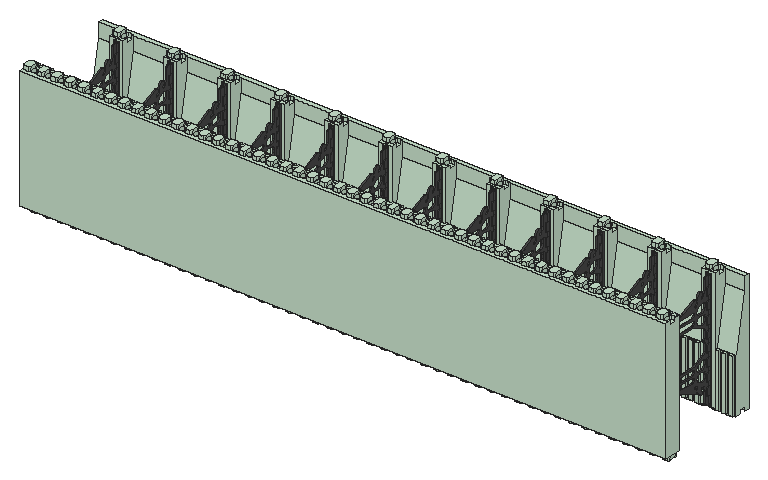
Revit family (continued)
Forms (in)
  Extrusion 51, void
    sketch origin (86, 0, 0) x (-1, 0, 0) y (0, -1, 0)
      loop
        arc (1, -4.89808) -> (1.04785, -5.04517) -> (1.17308, -5.13595) r 0.25
        arc (1.17308, -5.13595) -> (1.5, -5.1875) -> (1.82692, -5.13595) r 1.0625
        arc (1.82692, -5.13595) -> (1.95215, -5.04517) -> (2, -4.89808) r 0.25
        line (2, -4.89808) -> (2, -3.97692)
        arc (2, -3.97692) -> (1.98276, -3.88568) -> (1.9334, -3.80702) r 0.25
        arc (1.9334, -3.80702) -> (1.92106, -3.78736) -> (1.91675, -3.76455) r 0.0625
        line (1.91675, -3.76455) -> (1.91675, -3.41845) -> (1.74592, -3.41845) -> (1.74592, -3.64005)
        arc (1.74592, -3.64005) -> (1.72385, -3.68771) -> (1.67323, -3.70172) r 0.0625
        arc (1.67323, -3.70172) -> (1.42092, -3.69045) -> (1.17308, -3.73905) r 1.0625
        arc (1.17308, -3.73905) -> (1.04785, -3.82983) -> (1, -3.97692) r 0.25
        line (1, -3.97692) -> (1, -4.89808)
    from 18 to 17.5
  Extrusion 52, void
    sketch origin (78, 0, 0) x (-1, 0, 0) y (0, -1, 0)
      loop
        arc (1, -4.89808) -> (1.04785, -5.04517) -> (1.17308, -5.13595) r 0.25
        arc (1.17308, -5.13595) -> (1.5, -5.1875) -> (1.82692, -5.13595) r 1.0625
        arc (1.82692, -5.13595) -> (1.95215, -5.04517) -> (2, -4.89808) r 0.25
        line (2, -4.89808) -> (2, -3.97692)
        arc (2, -3.97692) -> (1.98276, -3.88568) -> (1.9334, -3.80702) r 0.25
        arc (1.9334, -3.80702) -> (1.92106, -3.78736) -> (1.91675, -3.76455) r 0.0625
        line (1.91675, -3.76455) -> (1.91675, -3.41845) -> (1.74592, -3.41845) -> (1.74592, -3.64005)
        arc (1.74592, -3.64005) -> (1.72385, -3.68771) -> (1.67323, -3.70172) r 0.0625
        arc (1.67323, -3.70172) -> (1.42092, -3.69045) -> (1.17308, -3.73905) r 1.0625
        arc (1.17308, -3.73905) -> (1.04785, -3.82983) -> (1, -3.97692) r 0.25
        line (1, -3.97692) -> (1, -4.89808)
    from 18 to 17.5
  Extrusion 53, void
    sketch origin (70, 0, 0) x (-1, 0, 0) y (0, -1, 0)
      loop
        arc (1, -4.89808) -> (1.04785, -5.04517) -> (1.17308, -5.13595) r 0.25
        arc (1.17308, -5.13595) -> (1.5, -5.1875) -> (1.82692, -5.13595) r 1.0625
        arc (1.82692, -5.13595) -> (1.95215, -5.04517) -> (2, -4.89808) r 0.25
        line (2, -4.89808) -> (2, -3.97692)
        arc (2, -3.97692) -> (1.98276, -3.88568) -> (1.9334, -3.80702) r 0.25
        arc (1.9334, -3.80702) -> (1.92106, -3.78736) -> (1.91675, -3.76455) r 0.0625
        line (1.91675, -3.76455) -> (1.91675, -3.41845) -> (1.74592, -3.41845) -> (1.74592, -3.64005)
        arc (1.74592, -3.64005) -> (1.72385, -3.68771) -> (1.67323, -3.70172) r 0.0625
        arc (1.67323, -3.70172) -> (1.42092, -3.69045) -> (1.17308, -3.73905) r 1.0625
        arc (1.17308, -3.73905) -> (1.04785, -3.82983) -> (1, -3.97692) r 0.25
        line (1, -3.97692) -> (1, -4.89808)
    from 18 to 17.5
  Extrusion 54, void
    sketch origin (62, 0, 0) x (-1, 0, 0) y (0, -1, 0)
      loop
        arc (1, -4.89808) -> (1.04785, -5.04517) -> (1.17308, -5.13595) r 0.25
        arc (1.17308, -5.13595) -> (1.5, -5.1875) -> (1.82692, -5.13595) r 1.0625
        arc (1.82692, -5.13595) -> (1.95215, -5.04517) -> (2, -4.89808) r 0.25
        line (2, -4.89808) -> (2, -3.97692)
        arc (2, -3.97692) -> (1.98276, -3.88568) -> (1.9334, -3.80702) r 0.25
        arc (1.9334, -3.80702) -> (1.92106, -3.78736) -> (1.91675, -3.76455) r 0.0625
        line (1.91675, -3.76455) -> (1.91675, -3.41845) -> (1.74592, -3.41845) -> (1.74592, -3.64005)
        arc (1.74592, -3.64005) -> (1.72385, -3.68771) -> (1.67323, -3.70172) r 0.0625
        arc (1.67323, -3.70172) -> (1.42092, -3.69045) -> (1.17308, -3.73905) r 1.0625
        arc (1.17308, -3.73905) -> (1.04785, -3.82983) -> (1, -3.97692) r 0.25
        line (1, -3.97692) -> (1, -4.89808)
    from 18 to 17.5
  Extrusion 55, void
    sketch origin (54, 0, 0) x (-1, 0, 0) y (0, -1, 0)
      loop
        arc (1, -4.89808) -> (1.04785, -5.04517) -> (1.17308, -5.13595) r 0.25
        arc (1.17308, -5.13595) -> (1.5, -5.1875) -> (1.82692, -5.13595) r 1.0625
        arc (1.82692, -5.13595) -> (1.95215, -5.04517) -> (2, -4.89808) r 0.25
        line (2, -4.89808) -> (2, -3.97692)
        arc (2, -3.97692) -> (1.98276, -3.88568) -> (1.9334, -3.80702) r 0.25
        arc (1.9334, -3.80702) -> (1.92106, -3.78736) -> (1.91675, -3.76455) r 0.0625
        line (1.91675, -3.76455) -> (1.91675, -3.41845) -> (1.74592, -3.41845) -> (1.74592, -3.64005)
        arc (1.74592, -3.64005) -> (1.72385, -3.68771) -> (1.67323, -3.70172) r 0.0625
        arc (1.67323, -3.70172) -> (1.42092, -3.69045) -> (1.17308, -3.73905) r 1.0625
        arc (1.17308, -3.73905) -> (1.04785, -3.82983) -> (1, -3.97692) r 0.25
        line (1, -3.97692) -> (1, -4.89808)
    from 18 to 17.5
  Extrusion 56, void
    sketch origin (46, 0, 0) x (-1, 0, 0) y (0, -1, 0)
      loop
        arc (1, -4.89808) -> (1.04785, -5.04517) -> (1.17308, -5.13595) r 0.25
        arc (1.17308, -5.13595) -> (1.5, -5.1875) -> (1.82692, -5.13595) r 1.0625
        arc (1.82692, -5.13595) -> (1.95215, -5.04517) -> (2, -4.89808) r 0.25
        line (2, -4.89808) -> (2, -3.97692)
        arc (2, -3.97692) -> (1.98276, -3.88568) -> (1.9334, -3.80702) r 0.25
        arc (1.9334, -3.80702) -> (1.92106, -3.78736) -> (1.91675, -3.76455) r 0.0625
        line (1.91675, -3.76455) -> (1.91675, -3.41845) -> (1.74592, -3.41845) -> (1.74592, -3.64005)
        arc (1.74592, -3.64005) -> (1.72385, -3.68771) -> (1.67323, -3.70172) r 0.0625
        arc (1.67323, -3.70172) -> (1.42092, -3.69045) -> (1.17308, -3.73905) r 1.0625
        arc (1.17308, -3.73905) -> (1.04785, -3.82983) -> (1, -3.97692) r 0.25
        line (1, -3.97692) -> (1, -4.89808)
    from 18 to 17.5
  Extrusion 57, void
    sketch origin (38, 0, 0) x (-1, 0, 0) y (0, -1, 0)
      loop
        arc (1, -4.89808) -> (1.04785, -5.04517) -> (1.17308, -5.13595) r 0.25
        arc (1.17308, -5.13595) -> (1.5, -5.1875) -> (1.82692, -5.13595) r 1.0625
        arc (1.82692, -5.13595) -> (1.95215, -5.04517) -> (2, -4.89808) r 0.25
        line (2, -4.89808) -> (2, -3.97692)
        arc (2, -3.97692) -> (1.98276, -3.88568) -> (1.9334, -3.80702) r 0.25
        arc (1.9334, -3.80702) -> (1.92106, -3.78736) -> (1.91675, -3.76455) r 0.0625
        line (1.91675, -3.76455) -> (1.91675, -3.41845) -> (1.74592, -3.41845) -> (1.74592, -3.64005)
        arc (1.74592, -3.64005) -> (1.72385, -3.68771) -> (1.67323, -3.70172) r 0.0625
        arc (1.67323, -3.70172) -> (1.42092, -3.69045) -> (1.17308, -3.73905) r 1.0625
        arc (1.17308, -3.73905) -> (1.04785, -3.82983) -> (1, -3.97692) r 0.25
        line (1, -3.97692) -> (1, -4.89808)
    from 18 to 17.5
  Extrusion 58, void
    sketch origin (30, 0, 0) x (-1, 0, 0) y (0, -1, 0)
      loop
        arc (1, -4.89808) -> (1.04785, -5.04517) -> (1.17308, -5.13595) r 0.25
        arc (1.17308, -5.13595) -> (1.5, -5.1875) -> (1.82692, -5.13595) r 1.0625
        arc (1.82692, -5.13595) -> (1.95215, -5.04517) -> (2, -4.89808) r 0.25
        line (2, -4.89808) -> (2, -3.97692)
        arc (2, -3.97692) -> (1.98276, -3.88568) -> (1.9334, -3.80702) r 0.25
        arc (1.9334, -3.80702) -> (1.92106, -3.78736) -> (1.91675, -3.76455) r 0.0625
        line (1.91675, -3.76455) -> (1.91675, -3.41845) -> (1.74592, -3.41845) -> (1.74592, -3.64005)
        arc (1.74592, -3.64005) -> (1.72385, -3.68771) -> (1.67323, -3.70172) r 0.0625
        arc (1.67323, -3.70172) -> (1.42092, -3.69045) -> (1.17308, -3.73905) r 1.0625
        arc (1.17308, -3.73905) -> (1.04785, -3.82983) -> (1, -3.97692) r 0.25
        line (1, -3.97692) -> (1, -4.89808)
    from 18 to 17.5
  Extrusion 59, void
    sketch origin (22, 0, 0) x (-1, 0, 0) y (0, -1, 0)
      loop
        arc (1, -4.89808) -> (1.04785, -5.04517) -> (1.17308, -5.13595) r 0.25
        arc (1.17308, -5.13595) -> (1.5, -5.1875) -> (1.82692, -5.13595) r 1.0625
        arc (1.82692, -5.13595) -> (1.95215, -5.04517) -> (2, -4.89808) r 0.25
        line (2, -4.89808) -> (2, -3.97692)
        arc (2, -3.97692) -> (1.98276, -3.88568) -> (1.9334, -3.80702) r 0.25
        arc (1.9334, -3.80702) -> (1.92106, -3.78736) -> (1.91675, -3.76455) r 0.0625
        line (1.91675, -3.76455) -> (1.91675, -3.41845) -> (1.74592, -3.41845) -> (1.74592, -3.64005)
        arc (1.74592, -3.64005) -> (1.72385, -3.68771) -> (1.67323, -3.70172) r 0.0625
        arc (1.67323, -3.70172) -> (1.42092, -3.69045) -> (1.17308, -3.73905) r 1.0625
        arc (1.17308, -3.73905) -> (1.04785, -3.82983) -> (1, -3.97692) r 0.25
        line (1, -3.97692) -> (1, -4.89808)
    from 18 to 17.5
  Extrusion 60, void
    sketch origin (14, 0, 0) x (-1, 0, 0) y (0, -1, 0)
      loop
        arc (1, -4.89808) -> (1.04785, -5.04517) -> (1.17308, -5.13595) r 0.25
        arc (1.17308, -5.13595) -> (1.5, -5.1875) -> (1.82692, -5.13595) r 1.0625
        arc (1.82692, -5.13595) -> (1.95215, -5.04517) -> (2, -4.89808) r 0.25
        line (2, -4.89808) -> (2, -3.97692)
        arc (2, -3.97692) -> (1.98276, -3.88568) -> (1.9334, -3.80702) r 0.25
        arc (1.9334, -3.80702) -> (1.92106, -3.78736) -> (1.91675, -3.76455) r 0.0625
        line (1.91675, -3.76455) -> (1.91675, -3.41845) -> (1.74592, -3.41845) -> (1.74592, -3.64005)
        arc (1.74592, -3.64005) -> (1.72385, -3.68771) -> (1.67323, -3.70172) r 0.0625
        arc (1.67323, -3.70172) -> (1.42092, -3.69045) -> (1.17308, -3.73905) r 1.0625
        arc (1.17308, -3.73905) -> (1.04785, -3.82983) -> (1, -3.97692) r 0.25
        line (1, -3.97692) -> (1, -4.89808)
    from 18 to 17.5
  Extrusion 61, void
    sketch origin (6, 0, 0) x (-1, 0, 0) y (0, -1, 0)
      loop
        arc (1, -4.89808) -> (1.04785, -5.04517) -> (1.17308, -5.13595) r 0.25
        arc (1.17308, -5.13595) -> (1.5, -5.1875) -> (1.82692, -5.13595) r 1.0625
        arc (1.82692, -5.13595) -> (1.95215, -5.04517) -> (2, -4.89808) r 0.25
        line (2, -4.89808) -> (2, -3.97692)
        arc (2, -3.97692) -> (1.98276, -3.88568) -> (1.9334, -3.80702) r 0.25
        arc (1.9334, -3.80702) -> (1.92106, -3.78736) -> (1.91675, -3.76455) r 0.0625
        line (1.91675, -3.76455) -> (1.91675, -3.41845) -> (1.74592, -3.41845) -> (1.74592, -3.64005)
        arc (1.74592, -3.64005) -> (1.72385, -3.68771) -> (1.67323, -3.70172) r 0.0625
        arc (1.67323, -3.70172) -> (1.42092, -3.69045) -> (1.17308, -3.73905) r 1.0625
        arc (1.17308, -3.73905) -> (1.04785, -3.82983) -> (1, -3.97692) r 0.25
        line (1, -3.97692) -> (1, -4.89808)
    from 18 to 17.5
  Extrusion 62, void
    sketch origin (2, -4, 0) x (-1, 0, 0) y (0, -1, 0)
      loop
        line (1, 4.89808) -> (1, 3.97692)
        arc (1, 3.97692) -> (1.04785, 3.82983) -> (1.17308, 3.73905) r 0.25
        arc (1.17308, 3.73905) -> (1.42092, 3.69045) -> (1.67323, 3.70172) r 1.0625
        arc (1.67323, 3.70172) -> (1.72385, 3.68771) -> (1.74592, 3.64005) r 0.0625
        line (1.74592, 3.64005) -> (1.74592, 3.41845) -> (1.91675, 3.41845) -> (1.91675, 3.76455)
        arc (1.91675, 3.76455) -> (1.92106, 3.78736) -> (1.9334, 3.80702) r 0.0625
        arc (1.9334, 3.80702) -> (1.98276, 3.88568) -> (2, 3.97692) r 0.25
        line (2, 3.97692) -> (2, 4.89808)
        arc (2, 4.89808) -> (1.95215, 5.04517) -> (1.82692, 5.13595) r 0.25
        arc (1.82692, 5.13595) -> (1.5, 5.1875) -> (1.17308, 5.13595) r 1.0625
        arc (1.17308, 5.13595) -> (1.04785, 5.04517) -> (1, 4.89808) r 0.25
    from 0 to 0.5
  Extrusion 63, void
    sketch origin (4, -4, 0) x (-1, 0, 0) y (0, -1, 0)
      loop
        line (1, 4.89808) -> (1, 3.97692)
        arc (1, 3.97692) -> (1.04785, 3.82983) -> (1.17308, 3.73905) r 0.25
        arc (1.17308, 3.73905) -> (1.42092, 3.69045) -> (1.67323, 3.70172) r 1.0625
        arc (1.67323, 3.70172) -> (1.72385, 3.68771) -> (1.74592, 3.64005) r 0.0625
        line (1.74592, 3.64005) -> (1.74592, 3.41845) -> (1.91675, 3.41845) -> (1.91675, 3.76455)
        arc (1.91675, 3.76455) -> (1.92106, 3.78736) -> (1.9334, 3.80702) r 0.0625
        arc (1.9334, 3.80702) -> (1.98276, 3.88568) -> (2, 3.97692) r 0.25
        line (2, 3.97692) -> (2, 4.89808)
        arc (2, 4.89808) -> (1.95215, 5.04517) -> (1.82692, 5.13595) r 0.25
        arc (1.82692, 5.13595) -> (1.5, 5.1875) -> (1.17308, 5.13595) r 1.0625
        arc (1.17308, 5.13595) -> (1.04785, 5.04517) -> (1, 4.89808) r 0.25
    from 0 to 0.5
  Extrusion 64, void
    sketch origin (6, -4, 0) x (-1, 0, 0) y (0, -1, 0)
      loop
        line (1, 4.89808) -> (1, 3.97692)
        arc (1, 3.97692) -> (1.04785, 3.82983) -> (1.17308, 3.73905) r 0.25
        arc (1.17308, 3.73905) -> (1.42092, 3.69045) -> (1.67323, 3.70172) r 1.0625
        arc (1.67323, 3.70172) -> (1.72385, 3.68771) -> (1.74592, 3.64005) r 0.0625
        line (1.74592, 3.64005) -> (1.74592, 3.41845) -> (1.91675, 3.41845) -> (1.91675, 3.76455)
        arc (1.91675, 3.76455) -> (1.92106, 3.78736) -> (1.9334, 3.80702) r 0.0625
        arc (1.9334, 3.80702) -> (1.98276, 3.88568) -> (2, 3.97692) r 0.25
        line (2, 3.97692) -> (2, 4.89808)
        arc (2, 4.89808) -> (1.95215, 5.04517) -> (1.82692, 5.13595) r 0.25
        arc (1.82692, 5.13595) -> (1.5, 5.1875) -> (1.17308, 5.13595) r 1.0625
        arc (1.17308, 5.13595) -> (1.04785, 5.04517) -> (1, 4.89808) r 0.25
    from 0 to 0.5
  Extrusion 65, void
    sketch origin (8, -4, 0) x (-1, 0, 0) y (0, -1, 0)
      loop
        line (1, 4.89808) -> (1, 3.97692)
        arc (1, 3.97692) -> (1.04785, 3.82983) -> (1.17308, 3.73905) r 0.25
        arc (1.17308, 3.73905) -> (1.42092, 3.69045) -> (1.67323, 3.70172) r 1.0625
        arc (1.67323, 3.70172) -> (1.72385, 3.68771) -> (1.74592, 3.64005) r 0.0625
        line (1.74592, 3.64005) -> (1.74592, 3.41845) -> (1.91675, 3.41845) -> (1.91675, 3.76455)
        arc (1.91675, 3.76455) -> (1.92106, 3.78736) -> (1.9334, 3.80702) r 0.0625
        arc (1.9334, 3.80702) -> (1.98276, 3.88568) -> (2, 3.97692) r 0.25
        line (2, 3.97692) -> (2, 4.89808)
        arc (2, 4.89808) -> (1.95215, 5.04517) -> (1.82692, 5.13595) r 0.25
        arc (1.82692, 5.13595) -> (1.5, 5.1875) -> (1.17308, 5.13595) r 1.0625
        arc (1.17308, 5.13595) -> (1.04785, 5.04517) -> (1, 4.89808) r 0.25
    from 0 to 0.5
  Extrusion 66, void
    sketch origin (10, -4, 0) x (-1, 0, 0) y (0, -1, 0)
      loop
        line (1, 4.89808) -> (1, 3.97692)
        arc (1, 3.97692) -> (1.04785, 3.82983) -> (1.17308, 3.73905) r 0.25
        arc (1.17308, 3.73905) -> (1.42092, 3.69045) -> (1.67323, 3.70172) r 1.0625
        arc (1.67323, 3.70172) -> (1.72385, 3.68771) -> (1.74592, 3.64005) r 0.0625
        line (1.74592, 3.64005) -> (1.74592, 3.41845) -> (1.91675, 3.41845) -> (1.91675, 3.76455)
        arc (1.91675, 3.76455) -> (1.92106, 3.78736) -> (1.9334, 3.80702) r 0.0625
        arc (1.9334, 3.80702) -> (1.98276, 3.88568) -> (2, 3.97692) r 0.25
        line (2, 3.97692) -> (2, 4.89808)
        arc (2, 4.89808) -> (1.95215, 5.04517) -> (1.82692, 5.13595) r 0.25
        arc (1.82692, 5.13595) -> (1.5, 5.1875) -> (1.17308, 5.13595) r 1.0625
        arc (1.17308, 5.13595) -> (1.04785, 5.04517) -> (1, 4.89808) r 0.25
    from 0 to 0.5
  Extrusion 67, void
    sketch origin (12, -4, 0) x (-1, 0, 0) y (0, -1, 0)
      loop
        line (1, 4.89808) -> (1, 3.97692)
        arc (1, 3.97692) -> (1.04785, 3.82983) -> (1.17308, 3.73905) r 0.25
        arc (1.17308, 3.73905) -> (1.42092, 3.69045) -> (1.67323, 3.70172) r 1.0625
        arc (1.67323, 3.70172) -> (1.72385, 3.68771) -> (1.74592, 3.64005) r 0.0625
        line (1.74592, 3.64005) -> (1.74592, 3.41845) -> (1.91675, 3.41845) -> (1.91675, 3.76455)
        arc (1.91675, 3.76455) -> (1.92106, 3.78736) -> (1.9334, 3.80702) r 0.0625
        arc (1.9334, 3.80702) -> (1.98276, 3.88568) -> (2, 3.97692) r 0.25
        line (2, 3.97692) -> (2, 4.89808)
        arc (2, 4.89808) -> (1.95215, 5.04517) -> (1.82692, 5.13595) r 0.25
        arc (1.82692, 5.13595) -> (1.5, 5.1875) -> (1.17308, 5.13595) r 1.0625
        arc (1.17308, 5.13595) -> (1.04785, 5.04517) -> (1, 4.89808) r 0.25
    from 0 to 0.5
  Extrusion 68, void
    sketch origin (14, -4, 0) x (-1, 0, 0) y (0, -1, 0)
      loop
        line (1, 4.89808) -> (1, 3.97692)
        arc (1, 3.97692) -> (1.04785, 3.82983) -> (1.17308, 3.73905) r 0.25
        arc (1.17308, 3.73905) -> (1.42092, 3.69045) -> (1.67323, 3.70172) r 1.0625
        arc (1.67323, 3.70172) -> (1.72385, 3.68771) -> (1.74592, 3.64005) r 0.0625
        line (1.74592, 3.64005) -> (1.74592, 3.41845) -> (1.91675, 3.41845) -> (1.91675, 3.76455)
        arc (1.91675, 3.76455) -> (1.92106, 3.78736) -> (1.9334, 3.80702) r 0.0625
        arc (1.9334, 3.80702) -> (1.98276, 3.88568) -> (2, 3.97692) r 0.25
        line (2, 3.97692) -> (2, 4.89808)
        arc (2, 4.89808) -> (1.95215, 5.04517) -> (1.82692, 5.13595) r 0.25
        arc (1.82692, 5.13595) -> (1.5, 5.1875) -> (1.17308, 5.13595) r 1.0625
        arc (1.17308, 5.13595) -> (1.04785, 5.04517) -> (1, 4.89808) r 0.25
    from 0 to 0.5
  Extrusion 69, void
    sketch origin (16, -4, 0) x (-1, 0, 0) y (0, -1, 0)
      loop
        line (1, 4.89808) -> (1, 3.97692)
        arc (1, 3.97692) -> (1.04785, 3.82983) -> (1.17308, 3.73905) r 0.25
        arc (1.17308, 3.73905) -> (1.42092, 3.69045) -> (1.67323, 3.70172) r 1.0625
        arc (1.67323, 3.70172) -> (1.72385, 3.68771) -> (1.74592, 3.64005) r 0.0625
        line (1.74592, 3.64005) -> (1.74592, 3.41845) -> (1.91675, 3.41845) -> (1.91675, 3.76455)
        arc (1.91675, 3.76455) -> (1.92106, 3.78736) -> (1.9334, 3.80702) r 0.0625
        arc (1.9334, 3.80702) -> (1.98276, 3.88568) -> (2, 3.97692) r 0.25
        line (2, 3.97692) -> (2, 4.89808)
        arc (2, 4.89808) -> (1.95215, 5.04517) -> (1.82692, 5.13595) r 0.25
        arc (1.82692, 5.13595) -> (1.5, 5.1875) -> (1.17308, 5.13595) r 1.0625
        arc (1.17308, 5.13595) -> (1.04785, 5.04517) -> (1, 4.89808) r 0.25
    from 0 to 0.5
  Extrusion 70, void
    sketch origin (18, -4, 0) x (-1, 0, 0) y (0, -1, 0)
      loop
        line (1, 4.89808) -> (1, 3.97692)
        arc (1, 3.97692) -> (1.04785, 3.82983) -> (1.17308, 3.73905) r 0.25
        arc (1.17308, 3.73905) -> (1.42092, 3.69045) -> (1.67323, 3.70172) r 1.0625
        arc (1.67323, 3.70172) -> (1.72385, 3.68771) -> (1.74592, 3.64005) r 0.0625
        line (1.74592, 3.64005) -> (1.74592, 3.41845) -> (1.91675, 3.41845) -> (1.91675, 3.76455)
        arc (1.91675, 3.76455) -> (1.92106, 3.78736) -> (1.9334, 3.80702) r 0.0625
        arc (1.9334, 3.80702) -> (1.98276, 3.88568) -> (2, 3.97692) r 0.25
        line (2, 3.97692) -> (2, 4.89808)
        arc (2, 4.89808) -> (1.95215, 5.04517) -> (1.82692, 5.13595) r 0.25
        arc (1.82692, 5.13595) -> (1.5, 5.1875) -> (1.17308, 5.13595) r 1.0625
        arc (1.17308, 5.13595) -> (1.04785, 5.04517) -> (1, 4.89808) r 0.25
    from 0 to 0.5
  Extrusion 71, void
    sketch origin (20, -4, 0) x (-1, 0, 0) y (0, -1, 0)
      loop
        line (1, 4.89808) -> (1, 3.97692)
        arc (1, 3.97692) -> (1.04785, 3.82983) -> (1.17308, 3.73905) r 0.25
        arc (1.17308, 3.73905) -> (1.42092, 3.69045) -> (1.67323, 3.70172) r 1.0625
        arc (1.67323, 3.70172) -> (1.72385, 3.68771) -> (1.74592, 3.64005) r 0.0625
        line (1.74592, 3.64005) -> (1.74592, 3.41845) -> (1.91675, 3.41845) -> (1.91675, 3.76455)
        arc (1.91675, 3.76455) -> (1.92106, 3.78736) -> (1.9334, 3.80702) r 0.0625
        arc (1.9334, 3.80702) -> (1.98276, 3.88568) -> (2, 3.97692) r 0.25
        line (2, 3.97692) -> (2, 4.89808)
        arc (2, 4.89808) -> (1.95215, 5.04517) -> (1.82692, 5.13595) r 0.25
        arc (1.82692, 5.13595) -> (1.5, 5.1875) -> (1.17308, 5.13595) r 1.0625
        arc (1.17308, 5.13595) -> (1.04785, 5.04517) -> (1, 4.89808) r 0.25
    from 0 to 0.5
  Extrusion 72, void
    sketch origin (22, -4, 0) x (-1, 0, 0) y (0, -1, 0)
      loop
        line (1, 4.89808) -> (1, 3.97692)
        arc (1, 3.97692) -> (1.04785, 3.82983) -> (1.17308, 3.73905) r 0.25
        arc (1.17308, 3.73905) -> (1.42092, 3.69045) -> (1.67323, 3.70172) r 1.0625
        arc (1.67323, 3.70172) -> (1.72385, 3.68771) -> (1.74592, 3.64005) r 0.0625
        line (1.74592, 3.64005) -> (1.74592, 3.41845) -> (1.91675, 3.41845) -> (1.91675, 3.76455)
        arc (1.91675, 3.76455) -> (1.92106, 3.78736) -> (1.9334, 3.80702) r 0.0625
        arc (1.9334, 3.80702) -> (1.98276, 3.88568) -> (2, 3.97692) r 0.25
        line (2, 3.97692) -> (2, 4.89808)
        arc (2, 4.89808) -> (1.95215, 5.04517) -> (1.82692, 5.13595) r 0.25
        arc (1.82692, 5.13595) -> (1.5, 5.1875) -> (1.17308, 5.13595) r 1.0625
        arc (1.17308, 5.13595) -> (1.04785, 5.04517) -> (1, 4.89808) r 0.25
    from 0 to 0.5
  Extrusion 73, void
    sketch origin (24, -4, 0) x (-1, 0, 0) y (0, -1, 0)
      loop
        line (1, 4.89808) -> (1, 3.97692)
        arc (1, 3.97692) -> (1.04785, 3.82983) -> (1.17308, 3.73905) r 0.25
        arc (1.17308, 3.73905) -> (1.42092, 3.69045) -> (1.67323, 3.70172) r 1.0625
        arc (1.67323, 3.70172) -> (1.72385, 3.68771) -> (1.74592, 3.64005) r 0.0625
        line (1.74592, 3.64005) -> (1.74592, 3.41845) -> (1.91675, 3.41845) -> (1.91675, 3.76455)
        arc (1.91675, 3.76455) -> (1.92106, 3.78736) -> (1.9334, 3.80702) r 0.0625
        arc (1.9334, 3.80702) -> (1.98276, 3.88568) -> (2, 3.97692) r 0.25
        line (2, 3.97692) -> (2, 4.89808)
        arc (2, 4.89808) -> (1.95215, 5.04517) -> (1.82692, 5.13595) r 0.25
        arc (1.82692, 5.13595) -> (1.5, 5.1875) -> (1.17308, 5.13595) r 1.0625
        arc (1.17308, 5.13595) -> (1.04785, 5.04517) -> (1, 4.89808) r 0.25
    from 0 to 0.5
  Extrusion 74, void
    sketch origin (26, -4, 0) x (-1, 0, 0) y (0, -1, 0)
      loop
        line (1, 4.89808) -> (1, 3.97692)
        arc (1, 3.97692) -> (1.04785, 3.82983) -> (1.17308, 3.73905) r 0.25
        arc (1.17308, 3.73905) -> (1.42092, 3.69045) -> (1.67323, 3.70172) r 1.0625
        arc (1.67323, 3.70172) -> (1.72385, 3.68771) -> (1.74592, 3.64005) r 0.0625
        line (1.74592, 3.64005) -> (1.74592, 3.41845) -> (1.91675, 3.41845) -> (1.91675, 3.76455)
        arc (1.91675, 3.76455) -> (1.92106, 3.78736) -> (1.9334, 3.80702) r 0.0625
        arc (1.9334, 3.80702) -> (1.98276, 3.88568) -> (2, 3.97692) r 0.25
        line (2, 3.97692) -> (2, 4.89808)
        arc (2, 4.89808) -> (1.95215, 5.04517) -> (1.82692, 5.13595) r 0.25
        arc (1.82692, 5.13595) -> (1.5, 5.1875) -> (1.17308, 5.13595) r 1.0625
        arc (1.17308, 5.13595) -> (1.04785, 5.04517) -> (1, 4.89808) r 0.25
    from 0 to 0.5
  Extrusion 75, void
    sketch origin (28, -4, 0) x (-1, 0, 0) y (0, -1, 0)
      loop
        line (1, 4.89808) -> (1, 3.97692)
        arc (1, 3.97692) -> (1.04785, 3.82983) -> (1.17308, 3.73905) r 0.25
        arc (1.17308, 3.73905) -> (1.42092, 3.69045) -> (1.67323, 3.70172) r 1.0625
        arc (1.67323, 3.70172) -> (1.72385, 3.68771) -> (1.74592, 3.64005) r 0.0625
        line (1.74592, 3.64005) -> (1.74592, 3.41845) -> (1.91675, 3.41845) -> (1.91675, 3.76455)
        arc (1.91675, 3.76455) -> (1.92106, 3.78736) -> (1.9334, 3.80702) r 0.0625
        arc (1.9334, 3.80702) -> (1.98276, 3.88568) -> (2, 3.97692) r 0.25
        line (2, 3.97692) -> (2, 4.89808)
        arc (2, 4.89808) -> (1.95215, 5.04517) -> (1.82692, 5.13595) r 0.25
        arc (1.82692, 5.13595) -> (1.5, 5.1875) -> (1.17308, 5.13595) r 1.0625
        arc (1.17308, 5.13595) -> (1.04785, 5.04517) -> (1, 4.89808) r 0.25
    from 0 to 0.5
  Extrusion 76, void
    sketch origin (30, -4, 0) x (-1, 0, 0) y (0, -1, 0)
      loop
        line (1, 4.89808) -> (1, 3.97692)
        arc (1, 3.97692) -> (1.04785, 3.82983) -> (1.17308, 3.73905) r 0.25
        arc (1.17308, 3.73905) -> (1.42092, 3.69045) -> (1.67323, 3.70172) r 1.0625
        arc (1.67323, 3.70172) -> (1.72385, 3.68771) -> (1.74592, 3.64005) r 0.0625
        line (1.74592, 3.64005) -> (1.74592, 3.41845) -> (1.91675, 3.41845) -> (1.91675, 3.76455)
        arc (1.91675, 3.76455) -> (1.92106, 3.78736) -> (1.9334, 3.80702) r 0.0625
        arc (1.9334, 3.80702) -> (1.98276, 3.88568) -> (2, 3.97692) r 0.25
        line (2, 3.97692) -> (2, 4.89808)
        arc (2, 4.89808) -> (1.95215, 5.04517) -> (1.82692, 5.13595) r 0.25
        arc (1.82692, 5.13595) -> (1.5, 5.1875) -> (1.17308, 5.13595) r 1.0625
        arc (1.17308, 5.13595) -> (1.04785, 5.04517) -> (1, 4.89808) r 0.25
    from 0 to 0.5
  Extrusion 77, void
    sketch origin (32, -4, 0) x (-1, 0, 0) y (0, -1, 0)
      loop
        line (1, 4.89808) -> (1, 3.97692)
        arc (1, 3.97692) -> (1.04785, 3.82983) -> (1.17308, 3.73905) r 0.25
        arc (1.17308, 3.73905) -> (1.42092, 3.69045) -> (1.67323, 3.70172) r 1.0625
        arc (1.67323, 3.70172) -> (1.72385, 3.68771) -> (1.74592, 3.64005) r 0.0625
        line (1.74592, 3.64005) -> (1.74592, 3.41845) -> (1.91675, 3.41845) -> (1.91675, 3.76455)
        arc (1.91675, 3.76455) -> (1.92106, 3.78736) -> (1.9334, 3.80702) r 0.0625
        arc (1.9334, 3.80702) -> (1.98276, 3.88568) -> (2, 3.97692) r 0.25
        line (2, 3.97692) -> (2, 4.89808)
        arc (2, 4.89808) -> (1.95215, 5.04517) -> (1.82692, 5.13595) r 0.25
        arc (1.82692, 5.13595) -> (1.5, 5.1875) -> (1.17308, 5.13595) r 1.0625
        arc (1.17308, 5.13595) -> (1.04785, 5.04517) -> (1, 4.89808) r 0.25
    from 0 to 0.5
  Extrusion 78, void
    sketch origin (34, -4, 0) x (-1, 0, 0) y (0, -1, 0)
      loop
        line (1, 4.89808) -> (1, 3.97692)
        arc (1, 3.97692) -> (1.04785, 3.82983) -> (1.17308, 3.73905) r 0.25
        arc (1.17308, 3.73905) -> (1.42092, 3.69045) -> (1.67323, 3.70172) r 1.0625
        arc (1.67323, 3.70172) -> (1.72385, 3.68771) -> (1.74592, 3.64005) r 0.0625
        line (1.74592, 3.64005) -> (1.74592, 3.41845) -> (1.91675, 3.41845) -> (1.91675, 3.76455)
        arc (1.91675, 3.76455) -> (1.92106, 3.78736) -> (1.9334, 3.80702) r 0.0625
        arc (1.9334, 3.80702) -> (1.98276, 3.88568) -> (2, 3.97692) r 0.25
        line (2, 3.97692) -> (2, 4.89808)
        arc (2, 4.89808) -> (1.95215, 5.04517) -> (1.82692, 5.13595) r 0.25
        arc (1.82692, 5.13595) -> (1.5, 5.1875) -> (1.17308, 5.13595) r 1.0625
        arc (1.17308, 5.13595) -> (1.04785, 5.04517) -> (1, 4.89808) r 0.25
    from 0 to 0.5
  Extrusion 79, void
    sketch origin (36, -4, 0) x (-1, 0, 0) y (0, -1, 0)
      loop
        line (1, 4.89808) -> (1, 3.97692)
        arc (1, 3.97692) -> (1.04785, 3.82983) -> (1.17308, 3.73905) r 0.25
        arc (1.17308, 3.73905) -> (1.42092, 3.69045) -> (1.67323, 3.70172) r 1.0625
        arc (1.67323, 3.70172) -> (1.72385, 3.68771) -> (1.74592, 3.64005) r 0.0625
        line (1.74592, 3.64005) -> (1.74592, 3.41845) -> (1.91675, 3.41845) -> (1.91675, 3.76455)
        arc (1.91675, 3.76455) -> (1.92106, 3.78736) -> (1.9334, 3.80702) r 0.0625
        arc (1.9334, 3.80702) -> (1.98276, 3.88568) -> (2, 3.97692) r 0.25
        line (2, 3.97692) -> (2, 4.89808)
        arc (2, 4.89808) -> (1.95215, 5.04517) -> (1.82692, 5.13595) r 0.25
        arc (1.82692, 5.13595) -> (1.5, 5.1875) -> (1.17308, 5.13595) r 1.0625
        arc (1.17308, 5.13595) -> (1.04785, 5.04517) -> (1, 4.89808) r 0.25
    from 0 to 0.5
  Extrusion 80, void
    sketch origin (38, -4, 0) x (-1, 0, 0) y (0, -1, 0)
      loop
        line (1, 4.89808) -> (1, 3.97692)
        arc (1, 3.97692) -> (1.04785, 3.82983) -> (1.17308, 3.73905) r 0.25
        arc (1.17308, 3.73905) -> (1.42092, 3.69045) -> (1.67323, 3.70172) r 1.0625
        arc (1.67323, 3.70172) -> (1.72385, 3.68771) -> (1.74592, 3.64005) r 0.0625
        line (1.74592, 3.64005) -> (1.74592, 3.41845) -> (1.91675, 3.41845) -> (1.91675, 3.76455)
        arc (1.91675, 3.76455) -> (1.92106, 3.78736) -> (1.9334, 3.80702) r 0.0625
        arc (1.9334, 3.80702) -> (1.98276, 3.88568) -> (2, 3.97692) r 0.25
        line (2, 3.97692) -> (2, 4.89808)
        arc (2, 4.89808) -> (1.95215, 5.04517) -> (1.82692, 5.13595) r 0.25
        arc (1.82692, 5.13595) -> (1.5, 5.1875) -> (1.17308, 5.13595) r 1.0625
        arc (1.17308, 5.13595) -> (1.04785, 5.04517) -> (1, 4.89808) r 0.25
    from 0 to 0.5
  Extrusion 81, void
    sketch origin (40, -4, 0) x (-1, 0, 0) y (0, -1, 0)
      loop
        line (1, 4.89808) -> (1, 3.97692)
        arc (1, 3.97692) -> (1.04785, 3.82983) -> (1.17308, 3.73905) r 0.25
        arc (1.17308, 3.73905) -> (1.42092, 3.69045) -> (1.67323, 3.70172) r 1.0625
        arc (1.67323, 3.70172) -> (1.72385, 3.68771) -> (1.74592, 3.64005) r 0.0625
        line (1.74592, 3.64005) -> (1.74592, 3.41845) -> (1.91675, 3.41845) -> (1.91675, 3.76455)
        arc (1.91675, 3.76455) -> (1.92106, 3.78736) -> (1.9334, 3.80702) r 0.0625
        arc (1.9334, 3.80702) -> (1.98276, 3.88568) -> (2, 3.97692) r 0.25
        line (2, 3.97692) -> (2, 4.89808)
        arc (2, 4.89808) -> (1.95215, 5.04517) -> (1.82692, 5.13595) r 0.25
        arc (1.82692, 5.13595) -> (1.5, 5.1875) -> (1.17308, 5.13595) r 1.0625
        arc (1.17308, 5.13595) -> (1.04785, 5.04517) -> (1, 4.89808) r 0.25
    from 0 to 0.5
  Extrusion 82, void
    sketch origin (42, -4, 0) x (-1, 0, 0) y (0, -1, 0)
      loop
        line (1, 4.89808) -> (1, 3.97692)
        arc (1, 3.97692) -> (1.04785, 3.82983) -> (1.17308, 3.73905) r 0.25
        arc (1.17308, 3.73905) -> (1.42092, 3.69045) -> (1.67323, 3.70172) r 1.0625
        arc (1.67323, 3.70172) -> (1.72385, 3.68771) -> (1.74592, 3.64005) r 0.0625
        line (1.74592, 3.64005) -> (1.74592, 3.41845) -> (1.91675, 3.41845) -> (1.91675, 3.76455)
        arc (1.91675, 3.76455) -> (1.92106, 3.78736) -> (1.9334, 3.80702) r 0.0625
        arc (1.9334, 3.80702) -> (1.98276, 3.88568) -> (2, 3.97692) r 0.25
        line (2, 3.97692) -> (2, 4.89808)
        arc (2, 4.89808) -> (1.95215, 5.04517) -> (1.82692, 5.13595) r 0.25
        arc (1.82692, 5.13595) -> (1.5, 5.1875) -> (1.17308, 5.13595) r 1.0625
        arc (1.17308, 5.13595) -> (1.04785, 5.04517) -> (1, 4.89808) r 0.25
    from 0 to 0.5
  Extrusion 83, void
    sketch origin (44, -4, 0) x (-1, 0, 0) y (0, -1, 0)
      loop
        line (1, 4.89808) -> (1, 3.97692)
        arc (1, 3.97692) -> (1.04785, 3.82983) -> (1.17308, 3.73905) r 0.25
        arc (1.17308, 3.73905) -> (1.42092, 3.69045) -> (1.67323, 3.70172) r 1.0625
        arc (1.67323, 3.70172) -> (1.72385, 3.68771) -> (1.74592, 3.64005) r 0.0625
        line (1.74592, 3.64005) -> (1.74592, 3.41845) -> (1.91675, 3.41845) -> (1.91675, 3.76455)
        arc (1.91675, 3.76455) -> (1.92106, 3.78736) -> (1.9334, 3.80702) r 0.0625
        arc (1.9334, 3.80702) -> (1.98276, 3.88568) -> (2, 3.97692) r 0.25
        line (2, 3.97692) -> (2, 4.89808)
        arc (2, 4.89808) -> (1.95215, 5.04517) -> (1.82692, 5.13595) r 0.25
        arc (1.82692, 5.13595) -> (1.5, 5.1875) -> (1.17308, 5.13595) r 1.0625
        arc (1.17308, 5.13595) -> (1.04785, 5.04517) -> (1, 4.89808) r 0.25
    from 0 to 0.5
  Extrusion 84, void
    sketch origin (46, -4, 0) x (-1, 0, 0) y (0, -1, 0)
      loop
        line (1, 4.89808) -> (1, 3.97692)
        arc (1, 3.97692) -> (1.04785, 3.82983) -> (1.17308, 3.73905) r 0.25
        arc (1.17308, 3.73905) -> (1.42092, 3.69045) -> (1.67323, 3.70172) r 1.0625
        arc (1.67323, 3.70172) -> (1.72385, 3.68771) -> (1.74592, 3.64005) r 0.0625
        line (1.74592, 3.64005) -> (1.74592, 3.41845) -> (1.91675, 3.41845) -> (1.91675, 3.76455)
        arc (1.91675, 3.76455) -> (1.92106, 3.78736) -> (1.9334, 3.80702) r 0.0625
        arc (1.9334, 3.80702) -> (1.98276, 3.88568) -> (2, 3.97692) r 0.25
        line (2, 3.97692) -> (2, 4.89808)
        arc (2, 4.89808) -> (1.95215, 5.04517) -> (1.82692, 5.13595) r 0.25
        arc (1.82692, 5.13595) -> (1.5, 5.1875) -> (1.17308, 5.13595) r 1.0625
        arc (1.17308, 5.13595) -> (1.04785, 5.04517) -> (1, 4.89808) r 0.25
    from 0 to 0.5
  Extrusion 85, void
    sketch origin (48, -4, 0) x (-1, 0, 0) y (0, -1, 0)
      loop
        line (1, 4.89808) -> (1, 3.97692)
        arc (1, 3.97692) -> (1.04785, 3.82983) -> (1.17308, 3.73905) r 0.25
        arc (1.17308, 3.73905) -> (1.42092, 3.69045) -> (1.67323, 3.70172) r 1.0625
        arc (1.67323, 3.70172) -> (1.72385, 3.68771) -> (1.74592, 3.64005) r 0.0625
        line (1.74592, 3.64005) -> (1.74592, 3.41845) -> (1.91675, 3.41845) -> (1.91675, 3.76455)
        arc (1.91675, 3.76455) -> (1.92106, 3.78736) -> (1.9334, 3.80702) r 0.0625
        arc (1.9334, 3.80702) -> (1.98276, 3.88568) -> (2, 3.97692) r 0.25
        line (2, 3.97692) -> (2, 4.89808)
        arc (2, 4.89808) -> (1.95215, 5.04517) -> (1.82692, 5.13595) r 0.25
        arc (1.82692, 5.13595) -> (1.5, 5.1875) -> (1.17308, 5.13595) r 1.0625
        arc (1.17308, 5.13595) -> (1.04785, 5.04517) -> (1, 4.89808) r 0.25
    from 0 to 0.5
  Extrusion 86, void
    sketch origin (50, -4, 0) x (-1, 0, 0) y (0, -1, 0)
      loop
        line (1, 4.89808) -> (1, 3.97692)
        arc (1, 3.97692) -> (1.04785, 3.82983) -> (1.17308, 3.73905) r 0.25
        arc (1.17308, 3.73905) -> (1.42092, 3.69045) -> (1.67323, 3.70172) r 1.0625
        arc (1.67323, 3.70172) -> (1.72385, 3.68771) -> (1.74592, 3.64005) r 0.0625
        line (1.74592, 3.64005) -> (1.74592, 3.41845) -> (1.91675, 3.41845) -> (1.91675, 3.76455)
        arc (1.91675, 3.76455) -> (1.92106, 3.78736) -> (1.9334, 3.80702) r 0.0625
        arc (1.9334, 3.80702) -> (1.98276, 3.88568) -> (2, 3.97692) r 0.25
        line (2, 3.97692) -> (2, 4.89808)
        arc (2, 4.89808) -> (1.95215, 5.04517) -> (1.82692, 5.13595) r 0.25
        arc (1.82692, 5.13595) -> (1.5, 5.1875) -> (1.17308, 5.13595) r 1.0625
        arc (1.17308, 5.13595) -> (1.04785, 5.04517) -> (1, 4.89808) r 0.25
    from 0 to 0.5
  Extrusion 87, void
    sketch origin (52, -4, 0) x (-1, 0, 0) y (0, -1, 0)
      loop
        line (1, 4.89808) -> (1, 3.97692)
        arc (1, 3.97692) -> (1.04785, 3.82983) -> (1.17308, 3.73905) r 0.25
        arc (1.17308, 3.73905) -> (1.42092, 3.69045) -> (1.67323, 3.70172) r 1.0625
        arc (1.67323, 3.70172) -> (1.72385, 3.68771) -> (1.74592, 3.64005) r 0.0625
        line (1.74592, 3.64005) -> (1.74592, 3.41845) -> (1.91675, 3.41845) -> (1.91675, 3.76455)
        arc (1.91675, 3.76455) -> (1.92106, 3.78736) -> (1.9334, 3.80702) r 0.0625
        arc (1.9334, 3.80702) -> (1.98276, 3.88568) -> (2, 3.97692) r 0.25
        line (2, 3.97692) -> (2, 4.89808)
        arc (2, 4.89808) -> (1.95215, 5.04517) -> (1.82692, 5.13595) r 0.25
        arc (1.82692, 5.13595) -> (1.5, 5.1875) -> (1.17308, 5.13595) r 1.0625
        arc (1.17308, 5.13595) -> (1.04785, 5.04517) -> (1, 4.89808) r 0.25
    from 0 to 0.5
  Extrusion 88, void
    sketch origin (54, -4, 0) x (-1, 0, 0) y (0, -1, 0)
      loop
        line (1, 4.89808) -> (1, 3.97692)
        arc (1, 3.97692) -> (1.04785, 3.82983) -> (1.17308, 3.73905) r 0.25
        arc (1.17308, 3.73905) -> (1.42092, 3.69045) -> (1.67323, 3.70172) r 1.0625
        arc (1.67323, 3.70172) -> (1.72385, 3.68771) -> (1.74592, 3.64005) r 0.0625
        line (1.74592, 3.64005) -> (1.74592, 3.41845) -> (1.91675, 3.41845) -> (1.91675, 3.76455)
        arc (1.91675, 3.76455) -> (1.92106, 3.78736) -> (1.9334, 3.80702) r 0.0625
        arc (1.9334, 3.80702) -> (1.98276, 3.88568) -> (2, 3.97692) r 0.25
        line (2, 3.97692) -> (2, 4.89808)
        arc (2, 4.89808) -> (1.95215, 5.04517) -> (1.82692, 5.13595) r 0.25
        arc (1.82692, 5.13595) -> (1.5, 5.1875) -> (1.17308, 5.13595) r 1.0625
        arc (1.17308, 5.13595) -> (1.04785, 5.04517) -> (1, 4.89808) r 0.25
    from 0 to 0.5
  Extrusion 89, void
    sketch origin (56, -4, 0) x (-1, 0, 0) y (0, -1, 0)
      loop
        line (1, 4.89808) -> (1, 3.97692)
        arc (1, 3.97692) -> (1.04785, 3.82983) -> (1.17308, 3.73905) r 0.25
        arc (1.17308, 3.73905) -> (1.42092, 3.69045) -> (1.67323, 3.70172) r 1.0625
        arc (1.67323, 3.70172) -> (1.72385, 3.68771) -> (1.74592, 3.64005) r 0.0625
        line (1.74592, 3.64005) -> (1.74592, 3.41845) -> (1.91675, 3.41845) -> (1.91675, 3.76455)
        arc (1.91675, 3.76455) -> (1.92106, 3.78736) -> (1.9334, 3.80702) r 0.0625
        arc (1.9334, 3.80702) -> (1.98276, 3.88568) -> (2, 3.97692) r 0.25
        line (2, 3.97692) -> (2, 4.89808)
        arc (2, 4.89808) -> (1.95215, 5.04517) -> (1.82692, 5.13595) r 0.25
        arc (1.82692, 5.13595) -> (1.5, 5.1875) -> (1.17308, 5.13595) r 1.0625
        arc (1.17308, 5.13595) -> (1.04785, 5.04517) -> (1, 4.89808) r 0.25
    from 0 to 0.5
  Extrusion 90, void
    sketch origin (58, -4, 0) x (-1, 0, 0) y (0, -1, 0)
      loop
        line (1, 4.89808) -> (1, 3.97692)
        arc (1, 3.97692) -> (1.04785, 3.82983) -> (1.17308, 3.73905) r 0.25
        arc (1.17308, 3.73905) -> (1.42092, 3.69045) -> (1.67323, 3.70172) r 1.0625
        arc (1.67323, 3.70172) -> (1.72385, 3.68771) -> (1.74592, 3.64005) r 0.0625
        line (1.74592, 3.64005) -> (1.74592, 3.41845) -> (1.91675, 3.41845) -> (1.91675, 3.76455)
        arc (1.91675, 3.76455) -> (1.92106, 3.78736) -> (1.9334, 3.80702) r 0.0625
        arc (1.9334, 3.80702) -> (1.98276, 3.88568) -> (2, 3.97692) r 0.25
        line (2, 3.97692) -> (2, 4.89808)
        arc (2, 4.89808) -> (1.95215, 5.04517) -> (1.82692, 5.13595) r 0.25
        arc (1.82692, 5.13595) -> (1.5, 5.1875) -> (1.17308, 5.13595) r 1.0625
        arc (1.17308, 5.13595) -> (1.04785, 5.04517) -> (1, 4.89808) r 0.25
    from 0 to 0.5
  Extrusion 91, void
    sketch origin (60, -4, 0) x (-1, 0, 0) y (0, -1, 0)
      loop
        line (1, 4.89808) -> (1, 3.97692)
        arc (1, 3.97692) -> (1.04785, 3.82983) -> (1.17308, 3.73905) r 0.25
        arc (1.17308, 3.73905) -> (1.42092, 3.69045) -> (1.67323, 3.70172) r 1.0625
        arc (1.67323, 3.70172) -> (1.72385, 3.68771) -> (1.74592, 3.64005) r 0.0625
        line (1.74592, 3.64005) -> (1.74592, 3.41845) -> (1.91675, 3.41845) -> (1.91675, 3.76455)
        arc (1.91675, 3.76455) -> (1.92106, 3.78736) -> (1.9334, 3.80702) r 0.0625
        arc (1.9334, 3.80702) -> (1.98276, 3.88568) -> (2, 3.97692) r 0.25
        line (2, 3.97692) -> (2, 4.89808)
        arc (2, 4.89808) -> (1.95215, 5.04517) -> (1.82692, 5.13595) r 0.25
        arc (1.82692, 5.13595) -> (1.5, 5.1875) -> (1.17308, 5.13595) r 1.0625
        arc (1.17308, 5.13595) -> (1.04785, 5.04517) -> (1, 4.89808) r 0.25
    from 0 to 0.5
  Extrusion 92, void
    sketch origin (62, -4, 0) x (-1, 0, 0) y (0, -1, 0)
      loop
        line (1, 4.89808) -> (1, 3.97692)
        arc (1, 3.97692) -> (1.04785, 3.82983) -> (1.17308, 3.73905) r 0.25
        arc (1.17308, 3.73905) -> (1.42092, 3.69045) -> (1.67323, 3.70172) r 1.0625
        arc (1.67323, 3.70172) -> (1.72385, 3.68771) -> (1.74592, 3.64005) r 0.0625
        line (1.74592, 3.64005) -> (1.74592, 3.41845) -> (1.91675, 3.41845) -> (1.91675, 3.76455)
        arc (1.91675, 3.76455) -> (1.92106, 3.78736) -> (1.9334, 3.80702) r 0.0625
        arc (1.9334, 3.80702) -> (1.98276, 3.88568) -> (2, 3.97692) r 0.25
        line (2, 3.97692) -> (2, 4.89808)
        arc (2, 4.89808) -> (1.95215, 5.04517) -> (1.82692, 5.13595) r 0.25
        arc (1.82692, 5.13595) -> (1.5, 5.1875) -> (1.17308, 5.13595) r 1.0625
        arc (1.17308, 5.13595) -> (1.04785, 5.04517) -> (1, 4.89808) r 0.25
    from 0 to 0.5
  Extrusion 93, void
    sketch origin (64, -4, 0) x (-1, 0, 0) y (0, -1, 0)
      loop
        line (1, 4.89808) -> (1, 3.97692)
        arc (1, 3.97692) -> (1.04785, 3.82983) -> (1.17308, 3.73905) r 0.25
        arc (1.17308, 3.73905) -> (1.42092, 3.69045) -> (1.67323, 3.70172) r 1.0625
        arc (1.67323, 3.70172) -> (1.72385, 3.68771) -> (1.74592, 3.64005) r 0.0625
        line (1.74592, 3.64005) -> (1.74592, 3.41845) -> (1.91675, 3.41845) -> (1.91675, 3.76455)
        arc (1.91675, 3.76455) -> (1.92106, 3.78736) -> (1.9334, 3.80702) r 0.0625
        arc (1.9334, 3.80702) -> (1.98276, 3.88568) -> (2, 3.97692) r 0.25
        line (2, 3.97692) -> (2, 4.89808)
        arc (2, 4.89808) -> (1.95215, 5.04517) -> (1.82692, 5.13595) r 0.25
        arc (1.82692, 5.13595) -> (1.5, 5.1875) -> (1.17308, 5.13595) r 1.0625
        arc (1.17308, 5.13595) -> (1.04785, 5.04517) -> (1, 4.89808) r 0.25
    from 0 to 0.5
  Extrusion 94, void
    sketch origin (66, -4, 0) x (-1, 0, 0) y (0, -1, 0)
      loop
        line (1, 4.89808) -> (1, 3.97692)
        arc (1, 3.97692) -> (1.04785, 3.82983) -> (1.17308, 3.73905) r 0.25
        arc (1.17308, 3.73905) -> (1.42092, 3.69045) -> (1.67323, 3.70172) r 1.0625
        arc (1.67323, 3.70172) -> (1.72385, 3.68771) -> (1.74592, 3.64005) r 0.0625
        line (1.74592, 3.64005) -> (1.74592, 3.41845) -> (1.91675, 3.41845) -> (1.91675, 3.76455)
        arc (1.91675, 3.76455) -> (1.92106, 3.78736) -> (1.9334, 3.80702) r 0.0625
        arc (1.9334, 3.80702) -> (1.98276, 3.88568) -> (2, 3.97692) r 0.25
        line (2, 3.97692) -> (2, 4.89808)
        arc (2, 4.89808) -> (1.95215, 5.04517) -> (1.82692, 5.13595) r 0.25
        arc (1.82692, 5.13595) -> (1.5, 5.1875) -> (1.17308, 5.13595) r 1.0625
        arc (1.17308, 5.13595) -> (1.04785, 5.04517) -> (1, 4.89808) r 0.25
    from 0 to 0.5
  Extrusion 95, void
    sketch origin (68, -4, 0) x (-1, 0, 0) y (0, -1, 0)
      loop
        line (1, 4.89808) -> (1, 3.97692)
        arc (1, 3.97692) -> (1.04785, 3.82983) -> (1.17308, 3.73905) r 0.25
        arc (1.17308, 3.73905) -> (1.42092, 3.69045) -> (1.67323, 3.70172) r 1.0625
        arc (1.67323, 3.70172) -> (1.72385, 3.68771) -> (1.74592, 3.64005) r 0.0625
        line (1.74592, 3.64005) -> (1.74592, 3.41845) -> (1.91675, 3.41845) -> (1.91675, 3.76455)
        arc (1.91675, 3.76455) -> (1.92106, 3.78736) -> (1.9334, 3.80702) r 0.0625
        arc (1.9334, 3.80702) -> (1.98276, 3.88568) -> (2, 3.97692) r 0.25
        line (2, 3.97692) -> (2, 4.89808)
        arc (2, 4.89808) -> (1.95215, 5.04517) -> (1.82692, 5.13595) r 0.25
        arc (1.82692, 5.13595) -> (1.5, 5.1875) -> (1.17308, 5.13595) r 1.0625
        arc (1.17308, 5.13595) -> (1.04785, 5.04517) -> (1, 4.89808) r 0.25
    from 0 to 0.5
  Extrusion 96, void
    sketch origin (70, -4, 0) x (-1, 0, 0) y (0, -1, 0)
      loop
        line (1, 4.89808) -> (1, 3.97692)
        arc (1, 3.97692) -> (1.04785, 3.82983) -> (1.17308, 3.73905) r 0.25
        arc (1.17308, 3.73905) -> (1.42092, 3.69045) -> (1.67323, 3.70172) r 1.0625
        arc (1.67323, 3.70172) -> (1.72385, 3.68771) -> (1.74592, 3.64005) r 0.0625
        line (1.74592, 3.64005) -> (1.74592, 3.41845) -> (1.91675, 3.41845) -> (1.91675, 3.76455)
        arc (1.91675, 3.76455) -> (1.92106, 3.78736) -> (1.9334, 3.80702) r 0.0625
        arc (1.9334, 3.80702) -> (1.98276, 3.88568) -> (2, 3.97692) r 0.25
        line (2, 3.97692) -> (2, 4.89808)
        arc (2, 4.89808) -> (1.95215, 5.04517) -> (1.82692, 5.13595) r 0.25
        arc (1.82692, 5.13595) -> (1.5, 5.1875) -> (1.17308, 5.13595) r 1.0625
        arc (1.17308, 5.13595) -> (1.04785, 5.04517) -> (1, 4.89808) r 0.25
    from 0 to 0.5
  Extrusion 97, void
    sketch origin (72, -4, 0) x (-1, 0, 0) y (0, -1, 0)
      loop
        line (1, 4.89808) -> (1, 3.97692)
        arc (1, 3.97692) -> (1.04785, 3.82983) -> (1.17308, 3.73905) r 0.25
        arc (1.17308, 3.73905) -> (1.42092, 3.69045) -> (1.67323, 3.70172) r 1.0625
        arc (1.67323, 3.70172) -> (1.72385, 3.68771) -> (1.74592, 3.64005) r 0.0625
        line (1.74592, 3.64005) -> (1.74592, 3.41845) -> (1.91675, 3.41845) -> (1.91675, 3.76455)
        arc (1.91675, 3.76455) -> (1.92106, 3.78736) -> (1.9334, 3.80702) r 0.0625
        arc (1.9334, 3.80702) -> (1.98276, 3.88568) -> (2, 3.97692) r 0.25
        line (2, 3.97692) -> (2, 4.89808)
        arc (2, 4.89808) -> (1.95215, 5.04517) -> (1.82692, 5.13595) r 0.25
        arc (1.82692, 5.13595) -> (1.5, 5.1875) -> (1.17308, 5.13595) r 1.0625
        arc (1.17308, 5.13595) -> (1.04785, 5.04517) -> (1, 4.89808) r 0.25
    from 0 to 0.5
  Extrusion 98, void
    sketch origin (74, -4, 0) x (-1, 0, 0) y (0, -1, 0)
      loop
        line (1, 4.89808) -> (1, 3.97692)
        arc (1, 3.97692) -> (1.04785, 3.82983) -> (1.17308, 3.73905) r 0.25
        arc (1.17308, 3.73905) -> (1.42092, 3.69045) -> (1.67323, 3.70172) r 1.0625
        arc (1.67323, 3.70172) -> (1.72385, 3.68771) -> (1.74592, 3.64005) r 0.0625
        line (1.74592, 3.64005) -> (1.74592, 3.41845) -> (1.91675, 3.41845) -> (1.91675, 3.76455)
        arc (1.91675, 3.76455) -> (1.92106, 3.78736) -> (1.9334, 3.80702) r 0.0625
        arc (1.9334, 3.80702) -> (1.98276, 3.88568) -> (2, 3.97692) r 0.25
        line (2, 3.97692) -> (2, 4.89808)
        arc (2, 4.89808) -> (1.95215, 5.04517) -> (1.82692, 5.13595) r 0.25
        arc (1.82692, 5.13595) -> (1.5, 5.1875) -> (1.17308, 5.13595) r 1.0625
        arc (1.17308, 5.13595) -> (1.04785, 5.04517) -> (1, 4.89808) r 0.25
    from 0 to 0.5
  Extrusion 99, void
    sketch origin (76, -4, 0) x (-1, 0, 0) y (0, -1, 0)
      loop
        line (1, 4.89808) -> (1, 3.97692)
        arc (1, 3.97692) -> (1.04785, 3.82983) -> (1.17308, 3.73905) r 0.25
        arc (1.17308, 3.73905) -> (1.42092, 3.69045) -> (1.67323, 3.70172) r 1.0625
        arc (1.67323, 3.70172) -> (1.72385, 3.68771) -> (1.74592, 3.64005) r 0.0625
        line (1.74592, 3.64005) -> (1.74592, 3.41845) -> (1.91675, 3.41845) -> (1.91675, 3.76455)
        arc (1.91675, 3.76455) -> (1.92106, 3.78736) -> (1.9334, 3.80702) r 0.0625
        arc (1.9334, 3.80702) -> (1.98276, 3.88568) -> (2, 3.97692) r 0.25
        line (2, 3.97692) -> (2, 4.89808)
        arc (2, 4.89808) -> (1.95215, 5.04517) -> (1.82692, 5.13595) r 0.25
        arc (1.82692, 5.13595) -> (1.5, 5.1875) -> (1.17308, 5.13595) r 1.0625
        arc (1.17308, 5.13595) -> (1.04785, 5.04517) -> (1, 4.89808) r 0.25
    from 0 to 0.5
  Extrusion 100, void
    sketch origin (78, -4, 0) x (-1, 0, 0) y (0, -1, 0)
      loop
        line (1, 4.89808) -> (1, 3.97692)
        arc (1, 3.97692) -> (1.04785, 3.82983) -> (1.17308, 3.73905) r 0.25
        arc (1.17308, 3.73905) -> (1.42092, 3.69045) -> (1.67323, 3.70172) r 1.0625
        arc (1.67323, 3.70172) -> (1.72385, 3.68771) -> (1.74592, 3.64005) r 0.0625
        line (1.74592, 3.64005) -> (1.74592, 3.41845) -> (1.91675, 3.41845) -> (1.91675, 3.76455)
        arc (1.91675, 3.76455) -> (1.92106, 3.78736) -> (1.9334, 3.80702) r 0.0625
        arc (1.9334, 3.80702) -> (1.98276, 3.88568) -> (2, 3.97692) r 0.25
        line (2, 3.97692) -> (2, 4.89808)
        arc (2, 4.89808) -> (1.95215, 5.04517) -> (1.82692, 5.13595) r 0.25
        arc (1.82692, 5.13595) -> (1.5, 5.1875) -> (1.17308, 5.13595) r 1.0625
        arc (1.17308, 5.13595) -> (1.04785, 5.04517) -> (1, 4.89808) r 0.25
    from 0 to 0.5
  Extrusion 101, void
    sketch origin (80, -4, 0) x (-1, 0, 0) y (0, -1, 0)
      loop
        line (1, 4.89808) -> (1, 3.97692)
        arc (1, 3.97692) -> (1.04785, 3.82983) -> (1.17308, 3.73905) r 0.25
        arc (1.17308, 3.73905) -> (1.42092, 3.69045) -> (1.67323, 3.70172) r 1.0625
        arc (1.67323, 3.70172) -> (1.72385, 3.68771) -> (1.74592, 3.64005) r 0.0625
        line (1.74592, 3.64005) -> (1.74592, 3.41845) -> (1.91675, 3.41845) -> (1.91675, 3.76455)
        arc (1.91675, 3.76455) -> (1.92106, 3.78736) -> (1.9334, 3.80702) r 0.0625
        arc (1.9334, 3.80702) -> (1.98276, 3.88568) -> (2, 3.97692) r 0.25
        line (2, 3.97692) -> (2, 4.89808)
        arc (2, 4.89808) -> (1.95215, 5.04517) -> (1.82692, 5.13595) r 0.25
        arc (1.82692, 5.13595) -> (1.5, 5.1875) -> (1.17308, 5.13595) r 1.0625
        arc (1.17308, 5.13595) -> (1.04785, 5.04517) -> (1, 4.89808) r 0.25
    from 0 to 0.5
  Extrusion 102, void
    sketch origin (82, -4, 0) x (-1, 0, 0) y (0, -1, 0)
      loop
        line (1, 4.89808) -> (1, 3.97692)
        arc (1, 3.97692) -> (1.04785, 3.82983) -> (1.17308, 3.73905) r 0.25
        arc (1.17308, 3.73905) -> (1.42092, 3.69045) -> (1.67323, 3.70172) r 1.0625
        arc (1.67323, 3.70172) -> (1.72385, 3.68771) -> (1.74592, 3.64005) r 0.0625
        line (1.74592, 3.64005) -> (1.74592, 3.41845) -> (1.91675, 3.41845) -> (1.91675, 3.76455)
        arc (1.91675, 3.76455) -> (1.92106, 3.78736) -> (1.9334, 3.80702) r 0.0625
        arc (1.9334, 3.80702) -> (1.98276, 3.88568) -> (2, 3.97692) r 0.25
        line (2, 3.97692) -> (2, 4.89808)
        arc (2, 4.89808) -> (1.95215, 5.04517) -> (1.82692, 5.13595) r 0.25
        arc (1.82692, 5.13595) -> (1.5, 5.1875) -> (1.17308, 5.13595) r 1.0625
        arc (1.17308, 5.13595) -> (1.04785, 5.04517) -> (1, 4.89808) r 0.25
    from 0 to 0.5
  Extrusion 103, void
    sketch origin (84, -4, 0) x (-1, 0, 0) y (0, -1, 0)
      loop
        line (1, 4.89808) -> (1, 3.97692)
        arc (1, 3.97692) -> (1.04785, 3.82983) -> (1.17308, 3.73905) r 0.25
        arc (1.17308, 3.73905) -> (1.42092, 3.69045) -> (1.67323, 3.70172) r 1.0625
        arc (1.67323, 3.70172) -> (1.72385, 3.68771) -> (1.74592, 3.64005) r 0.0625
        line (1.74592, 3.64005) -> (1.74592, 3.41845) -> (1.91675, 3.41845) -> (1.91675, 3.76455)
        arc (1.91675, 3.76455) -> (1.92106, 3.78736) -> (1.9334, 3.80702) r 0.0625
        arc (1.9334, 3.80702) -> (1.98276, 3.88568) -> (2, 3.97692) r 0.25
        line (2, 3.97692) -> (2, 4.89808)
        arc (2, 4.89808) -> (1.95215, 5.04517) -> (1.82692, 5.13595) r 0.25
        arc (1.82692, 5.13595) -> (1.5, 5.1875) -> (1.17308, 5.13595) r 1.0625
        arc (1.17308, 5.13595) -> (1.04785, 5.04517) -> (1, 4.89808) r 0.25
    from 0 to 0.5
  Extrusion 104, void
    sketch origin (86, -4, 0) x (-1, 0, 0) y (0, -1, 0)
      loop
        line (1, 4.89808) -> (1, 3.97692)
        arc (1, 3.97692) -> (1.04785, 3.82983) -> (1.17308, 3.73905) r 0.25
        arc (1.17308, 3.73905) -> (1.42092, 3.69045) -> (1.67323, 3.70172) r 1.0625
        arc (1.67323, 3.70172) -> (1.72385, 3.68771) -> (1.74592, 3.64005) r 0.0625
        line (1.74592, 3.64005) -> (1.74592, 3.41845) -> (1.91675, 3.41845) -> (1.91675, 3.76455)
        arc (1.91675, 3.76455) -> (1.92106, 3.78736) -> (1.9334, 3.80702) r 0.0625
        arc (1.9334, 3.80702) -> (1.98276, 3.88568) -> (2, 3.97692) r 0.25
        line (2, 3.97692) -> (2, 4.89808)
        arc (2, 4.89808) -> (1.95215, 5.04517) -> (1.82692, 5.13595) r 0.25
        arc (1.82692, 5.13595) -> (1.5, 5.1875) -> (1.17308, 5.13595) r 1.0625
        arc (1.17308, 5.13595) -> (1.04785, 5.04517) -> (1, 4.89808) r 0.25
    from 0 to 0.5
  Extrusion 105, void
    sketch origin (88, -4, 0) x (-1, 0, 0) y (0, -1, 0)
      loop
        line (1, 4.89808) -> (1, 3.97692)
        arc (1, 3.97692) -> (1.04785, 3.82983) -> (1.17308, 3.73905) r 0.25
        arc (1.17308, 3.73905) -> (1.42092, 3.69045) -> (1.67323, 3.70172) r 1.0625
        arc (1.67323, 3.70172) -> (1.72385, 3.68771) -> (1.74592, 3.64005) r 0.0625
        line (1.74592, 3.64005) -> (1.74592, 3.41845) -> (1.91675, 3.41845) -> (1.91675, 3.76455)
        arc (1.91675, 3.76455) -> (1.92106, 3.78736) -> (1.9334, 3.80702) r 0.0625
        arc (1.9334, 3.80702) -> (1.98276, 3.88568) -> (2, 3.97692) r 0.25
        line (2, 3.97692) -> (2, 4.89808)
        arc (2, 4.89808) -> (1.95215, 5.04517) -> (1.82692, 5.13595) r 0.25
        arc (1.82692, 5.13595) -> (1.5, 5.1875) -> (1.17308, 5.13595) r 1.0625
        arc (1.17308, 5.13595) -> (1.04785, 5.04517) -> (1, 4.89808) r 0.25
    from 0 to 0.5
  Extrusion 106, void
    sketch origin (90, -4, 0) x (-1, 0, 0) y (0, -1, 0)
      loop
        line (1, 4.89808) -> (1, 3.97692)
        arc (1, 3.97692) -> (1.04785, 3.82983) -> (1.17308, 3.73905) r 0.25
        arc (1.17308, 3.73905) -> (1.42092, 3.69045) -> (1.67323, 3.70172) r 1.0625
        arc (1.67323, 3.70172) -> (1.72385, 3.68771) -> (1.74592, 3.64005) r 0.0625
        line (1.74592, 3.64005) -> (1.74592, 3.41845) -> (1.91675, 3.41845) -> (1.91675, 3.76455)
        arc (1.91675, 3.76455) -> (1.92106, 3.78736) -> (1.9334, 3.80702) r 0.0625
        arc (1.9334, 3.80702) -> (1.98276, 3.88568) -> (2, 3.97692) r 0.25
        line (2, 3.97692) -> (2, 4.89808)
